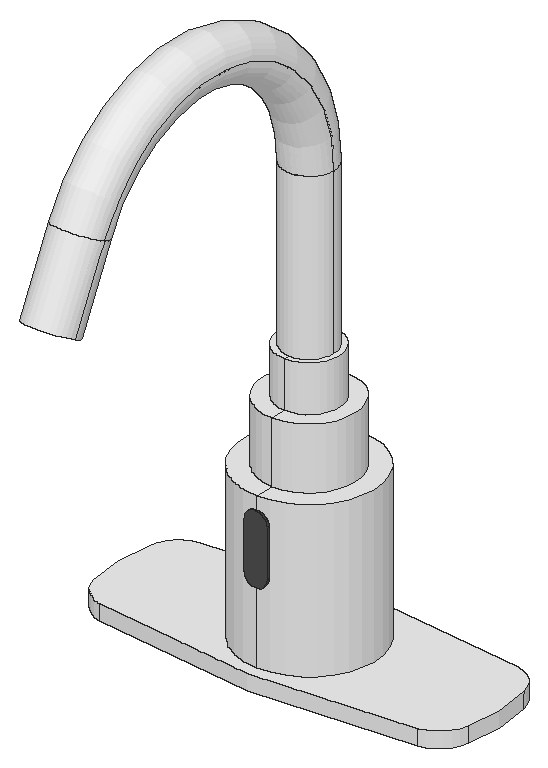
Revit family
Parameters (values of type "SF-2200")
  Waste Connection = no
  Vent Connection = no
  URL = "http://www.sloanvalve.com"
  Revised Date = "16/04/2013"
  Product URL = "http://www.sloanvalve.com/Specifications/SF-2200_and_SF-2250_Faucets.pdf"
  Phone # = "416-250-5656"
  Model = "SF-2200"
  Material = Chrome Plated
  Manufacturer = "Sloan"
  HW Connection = no
  Designed By = "ATS BIM Team"
  Description = "Sensor Activated, Electronic, Gooseneck Hand Washing Faucet for tempered or hot/cold\r\nwater operation."
  Default Elevation = 0' - 0"
  CW Connection = no
Reference planes (in)
  plane 1 "Center (Front/Back)": y = 0
  plane 2: z = 0
  plane 3 "Center (Left/Right)": x = 0
  plane 4: y = -5.25
  plane 5: z = 7
  plane 6: z = 10
  plane 7: through (0, -5.25, 7) normal (0, -0.891, 0.454)
  plane 8: x = 1.0625
  plane 9: x = -1.0625
  plane 10: x = 3
  plane 11: x = -3
  plane 12: y = -1.0625
  plane 13: y = 1.0625
  plane 14: x = 0
  plane 15: x = -3.09375
  plane 16: x = 3.09375
  plane 17: y = 0
  plane 18: y = -1.25
  plane 19: y = 1.25
Forms (in)
  Revolve 1, solid, material "Chrome Plated" <- "Material"
    sketch origin (0, 0, 0) x (0, 1, 0) y (0, 0, 1)
      loop
        line (0, 0) -> (1.0625, 0) -> (1.0625, 2.75) -> (0.75, 2.75) -> (0.75, 3.75) -> (0.5, 3.75) -> (0.5, 4.5) -> (0, 4.5) -> (0, 0)
      axis (0, 4.5) -> (0, 0)
    angle from 0 to 360
  Sweep 2, solid, material "Chrome Plated" <- "Material"
    path origin (0, 0, -0.01172) x (0, 1, 0) y (0, 0, 1)
      loop
        line (0, 4.42224) -> (0, 7.17224)
        arc (0, 7.17224) -> (-1.91445, 9.5497) -> (-4.64552, 8.18637) r 2.43345
        line (-4.64552, 8.18637) -> (-5.24403, 7.01172)
    profile origin (0, 0, 5.78552) x (0, -1, 0) y (1, 0, 0)
      loop
        circle (0, 0) r 0.40625
  Extrusion 3, solid, material "Chrome Plated" <- "Material"
    sketch origin (-19.56531, -6.55539, 0) x (1, 0, 0) y (0, 1, 0)
      loop
        arc (16.98819, 7.57052) -> (16.68859, 7.41483) -> (16.52774, 7.11797) r 0.57593
        arc (16.52774, 7.11797) -> (16.47156, 6.55539) -> (16.52774, 5.99281) r 2.84483
        arc (16.52774, 5.99281) -> (16.68859, 5.69595) -> (16.98819, 5.54026) r 0.57593
        arc (16.98819, 5.54026) -> (19.56531, 5.30539) -> (22.14244, 5.54026) r 14.25619
        arc (22.14244, 5.54026) -> (22.44203, 5.69595) -> (22.60288, 5.99281) r 0.57593
        arc (22.60288, 5.99281) -> (22.65906, 6.55539) -> (22.60288, 7.11797) r 2.84483
        arc (22.60288, 7.11797) -> (22.44203, 7.41483) -> (22.14244, 7.57052) r 0.57593
        arc (22.14244, 7.57052) -> (19.56531, 7.80539) -> (16.98819, 7.57052) r 14.25619
      loop
        circle (19.56531, 6.55539) r 0.625
    from 0 to 0.25
  Extrusion 4, solid, material "Chrome Plated" <- "Material"
    sketch origin (0, 0, 0) x (1, 0, 0) y (0, 0, 1)
      loop
        line (-0.1875, 2.35835) -> (-0.1875, 1.60835)
        arc (-0.1875, 1.60835) -> (0, 1.42085) -> (0.1875, 1.60835) r 0.1875
        line (0.1875, 1.60835) -> (0.1875, 2.35835)
        arc (0.1875, 2.35835) -> (0, 2.54585) -> (-0.1875, 2.35835) r 0.1875
    from 0.87761 to 1.08026
Cuts and joins
  joined: Revolve 1, Sweep 2, Extrusion 3, Extrusion 4
Dimensions and locks (in)
  level to plane 6 = 0' - 10"
  plane 1 "Center (Front/Back)" to plane 4 = 0' - 5 1/4"
  plane 13 to plane 12 = 0' - 2 1/8"
  angle plane 4 to plane 7 = 27.00°
